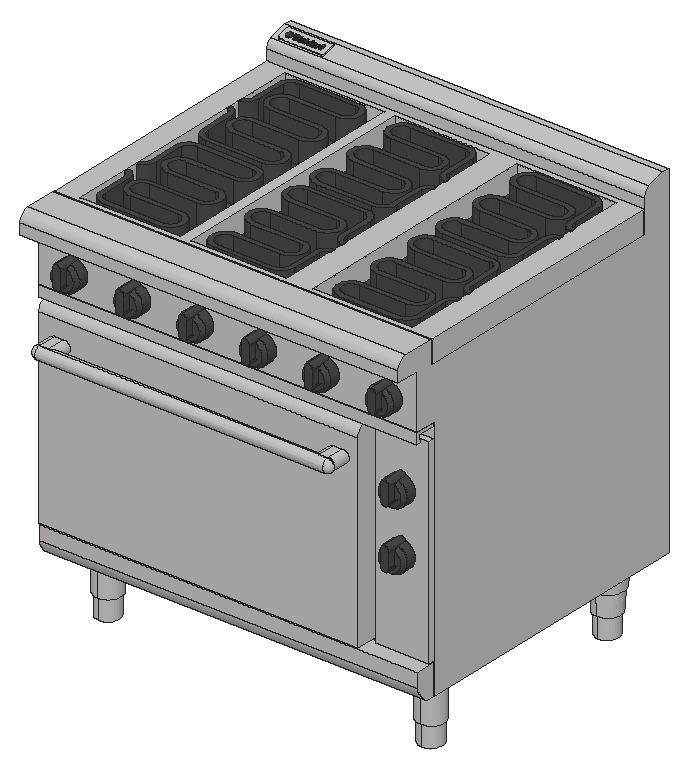
Revit family "QF_MOFFAT WALDORF_RNL8610E", category Specialty Equipment, Revit 2012 (continued)
Automatic sketch dimensions
  Revolve 4 sketch curve to Revolve 4 sketch curve = 47.532 mm
  Revolve 4 sketch curve to Revolve 4 sketch curve = 55 mm
  Revolve 5 sketch curve to level = 0 mm
  Revolve 5 sketch curve to plane 10 = 82.478 mm
  Revolve 5 sketch curve to Revolve 5 sketch curve = 4.25 mm
  Revolve 5 sketch curve to Revolve 5 sketch curve = 27.5 mm  (x2)
  level to Revolve 5 sketch curve = 50 mm
  Revolve 5 sketch curve to Revolve 5 sketch curve = 0 mm
  Revolve 5 sketch curve to Revolve 5 sketch curve = 100 mm
  Revolve 5 sketch curve to Revolve 5 sketch curve = 55 mm
  Revolve 6 sketch curve to level = 0 mm
  Revolve 6 sketch curve to plane 15 = 110.753 mm
  Revolve 6 sketch curve to Revolve 6 sketch curve = 0 mm  (x3)
  Revolve 6 sketch curve to Revolve 6 sketch curve = 4.159 mm
  Revolve 6 sketch curve to Revolve 6 sketch curve = 5.012 mm
  Revolve 6 sketch curve to Revolve 6 sketch curve = 1.832 mm
  Revolve 6 sketch curve to Revolve 6 sketch curve = 4.25 mm
  Revolve 6 sketch curve to Revolve 6 sketch curve = 42.753 mm
  Revolve 6 sketch curve to level = 55 mm
  Revolve 6 sketch curve to Revolve 6 sketch curve = 50 mm
  Revolve 6 sketch curve to Revolve 6 sketch curve = 52.468 mm
  Revolve 6 sketch curve to Revolve 6 sketch curve = 47.532 mm
  Revolve 7 sketch curve to level = 0 mm
  Revolve 7 sketch curve to plane 10 = 82.478 mm
  Revolve 7 sketch curve to Revolve 7 sketch curve = 4.25 mm
  Revolve 7 sketch curve to Revolve 7 sketch curve = 27.5 mm  (x2)
  Revolve 7 sketch curve to level = 55 mm
  Revolve 7 sketch curve to Revolve 7 sketch curve = 50 mm
  Revolve 7 sketch curve to Revolve 7 sketch curve = 0 mm
  Revolve 7 sketch curve to Revolve 7 sketch curve = 100 mm
  Extrusion 8 sketch curve to plane 4 "RIGHT" = 0 mm
  plane 3 "LEFT" to Extrusion 8 sketch curve = 4 mm
  Extrusion 8 sketch curve to plane 15 = 39 mm
  Extrusion 8 sketch curve to Extrusion 8 sketch curve = 3 mm  (x2)
  plane 14 to Extrusion 8 sketch curve = 11.5 mm
  Extrusion 8 sketch curve to plane 15 = 53.284 mm  (x2)
  plane 9 to Extrusion 8 sketch curve = 13.3 mm
  Extrusion 8 sketch curve to Extrusion 8 sketch curve = 0 mm  (x2)
  Extrusion 8 sketch curve to plane 5 "FRONT" = 111.585 mm  (x2)
  Extrusion 8 sketch curve to Extrusion 8 sketch curve = 7.585 mm  (x2)
  Extrusion 8 sketch curve to Extrusion 8 sketch curve = 23.4 mm
  plane 7 "Center Y" to Extrusion 8 sketch curve = 96 mm
  Extrusion 8 sketch curve to Extrusion 8 sketch curve = 60.7 mm
  Revolve 9 sketch curve to plane 5 "FRONT" = 12 mm
  Revolve 9 sketch curve to Revolve 9 sketch curve = 0 mm  (x2)
  Revolve 9 sketch curve to Revolve 9 sketch curve = 11 mm
  Revolve 9 sketch curve to Revolve 9 sketch curve = 12.7 mm
  Revolve 9 sketch curve to Revolve 9 sketch curve = 23 mm
  Revolve 9 sketch curve to Revolve 9 sketch curve = 10 mm
  plane 16 to Revolve 9 sketch curve = 141.882 mm
  Revolve 9 sketch curve to Revolve 9 sketch curve = 5 mm
  Revolve 9 sketch curve to Revolve 9 sketch curve = 26.651 mm
  Revolve 9 sketch curve to Revolve 9 sketch curve = 5.849 mm
  Revolve 10 sketch curve to plane 5 "FRONT" = 12 mm
  Revolve 10 sketch curve to Revolve 10 sketch curve = 0 mm  (x2)
  Revolve 10 sketch curve to Revolve 10 sketch curve = 11 mm
  Revolve 10 sketch curve to Revolve 10 sketch curve = 12.7 mm
  Revolve 10 sketch curve to Revolve 10 sketch curve = 23 mm
  Revolve 10 sketch curve to Revolve 10 sketch curve = 10 mm
  plane 16 to Revolve 10 sketch curve = 141.882 mm
  Revolve 10 sketch curve to Revolve 10 sketch curve = 5 mm
  Revolve 10 sketch curve to Revolve 10 sketch curve = 26.651 mm
  Revolve 10 sketch curve to Revolve 10 sketch curve = 5.849 mm
  Revolve 11 sketch curve to plane 5 "FRONT" = 12 mm
  Revolve 11 sketch curve to Revolve 11 sketch curve = 0 mm  (x2)
  Revolve 11 sketch curve to Revolve 11 sketch curve = 11 mm
  Revolve 11 sketch curve to Revolve 11 sketch curve = 12.7 mm
  Revolve 11 sketch curve to Revolve 11 sketch curve = 23 mm
  Revolve 11 sketch curve to Revolve 11 sketch curve = 10 mm
  plane 16 to Revolve 11 sketch curve = 174.382 mm
  Revolve 11 sketch curve to Revolve 11 sketch curve = 5.849 mm
  Revolve 11 sketch curve to Revolve 11 sketch curve = 27.5 mm
  Revolve 11 sketch curve to Revolve 11 sketch curve = 5 mm
  Revolve 12 sketch curve to plane 5 "FRONT" = 12 mm
  Revolve 12 sketch curve to Revolve 12 sketch curve = 0 mm  (x2)
  Revolve 12 sketch curve to Revolve 12 sketch curve = 11 mm
  Revolve 12 sketch curve to Revolve 12 sketch curve = 12.7 mm
  Revolve 12 sketch curve to Revolve 12 sketch curve = 23 mm
  Revolve 12 sketch curve to Revolve 12 sketch curve = 10 mm
  plane 16 to Revolve 12 sketch curve = 174.382 mm
  Revolve 12 sketch curve to Revolve 12 sketch curve = 5.849 mm
  Revolve 12 sketch curve to Revolve 12 sketch curve = 27.5 mm
  Revolve 12 sketch curve to Revolve 12 sketch curve = 5 mm
  Revolve 13 sketch curve to plane 5 "FRONT" = 12 mm
  Revolve 13 sketch curve to Revolve 13 sketch curve = 0 mm  (x2)
  Revolve 13 sketch curve to Revolve 13 sketch curve = 11 mm
  Revolve 13 sketch curve to Revolve 13 sketch curve = 12.7 mm
  Revolve 13 sketch curve to Revolve 13 sketch curve = 23 mm
  Revolve 13 sketch curve to Revolve 13 sketch curve = 10 mm
  plane 16 to Revolve 13 sketch curve = 174.382 mm
  Revolve 13 sketch curve to Revolve 13 sketch curve = 5.849 mm
  Revolve 13 sketch curve to Revolve 13 sketch curve = 27.5 mm
  Revolve 13 sketch curve to Revolve 13 sketch curve = 5 mm
  Revolve 14 sketch curve to plane 5 "FRONT" = 12 mm
  Revolve 14 sketch curve to Revolve 14 sketch curve = 0 mm  (x2)
  Revolve 14 sketch curve to Revolve 14 sketch curve = 11 mm
  Revolve 14 sketch curve to Revolve 14 sketch curve = 12.7 mm
  Revolve 14 sketch curve to Revolve 14 sketch curve = 23 mm
  Revolve 14 sketch curve to Revolve 14 sketch curve = 10 mm
  plane 16 to Revolve 14 sketch curve = 174.382 mm
  Revolve 14 sketch curve to Revolve 14 sketch curve = 5.849 mm
  Revolve 14 sketch curve to Revolve 14 sketch curve = 27.5 mm
  Revolve 14 sketch curve to Revolve 14 sketch curve = 5 mm
  plane 16 to Extrusion 15 sketch curve = 168.882 mm
  Extrusion 15 sketch curve to Extrusion 15 sketch curve = 35 mm
  Extrusion 16 sketch curve to plane 9 = 29.844 mm
  Extrusion 16 sketch curve to Extrusion 16 sketch curve = 10 mm
  plane 16 to Extrusion 16 sketch curve = 168.882 mm
  Extrusion 16 sketch curve to Extrusion 16 sketch curve = 35 mm
  Extrusion 17 sketch curve to plane 14 = 4.656 mm
  plane 14 to Extrusion 17 sketch curve = 5.344 mm
  plane 16 to Extrusion 17 sketch curve = 133.882 mm
  Extrusion 17 sketch curve to Extrusion 17 sketch curve = 35 mm
  Extrusion 18 sketch curve to plane 14 = 154.656 mm
  Extrusion 18 sketch curve to Extrusion 18 sketch curve = 10 mm
  plane 16 to Extrusion 18 sketch curve = 133.882 mm
  Extrusion 18 sketch curve to Extrusion 18 sketch curve = 35 mm
  Extrusion 19 sketch curve to plane 7 "Center Y" = 49.868 mm
  Extrusion 19 sketch curve to Extrusion 19 sketch curve = 10 mm
  plane 16 to Extrusion 19 sketch curve = 168.882 mm
  Extrusion 19 sketch curve to Extrusion 19 sketch curve = 35 mm
  plane 7 "Center Y" to Extrusion 20 sketch curve = 99.507 mm
  Extrusion 20 sketch curve to Extrusion 20 sketch curve = 10 mm
  plane 16 to Extrusion 20 sketch curve = 168.882 mm
  Extrusion 20 sketch curve to Extrusion 20 sketch curve = 35 mm
  Revolve 21 sketch curve to plane 5 "FRONT" = 54.5 mm
  Revolve 21 sketch curve to Revolve 21 sketch curve = 0 mm  (x2)
  Revolve 21 sketch curve to Revolve 21 sketch curve = 11 mm
  Revolve 21 sketch curve to Revolve 21 sketch curve = 12.7 mm
  Revolve 21 sketch curve to Revolve 21 sketch curve = 23 mm
  Revolve 21 sketch curve to Revolve 21 sketch curve = 10 mm
  Revolve 21 sketch curve to plane 16 = 73.743 mm
  Revolve 21 sketch curve to Revolve 21 sketch curve = 5 mm
  Revolve 21 sketch curve to Revolve 21 sketch curve = 26.651 mm
  Revolve 21 sketch curve to Revolve 21 sketch curve = 5.849 mm
  Extrusion 22 sketch curve to plane 14 = 7.156 mm
  plane 14 to Extrusion 22 sketch curve = 2.844 mm
  Extrusion 22 sketch curve to plane 16 = 81.743 mm
  Extrusion 22 sketch curve to Extrusion 22 sketch curve = 35 mm
  Revolve 23 sketch curve to plane 5 "FRONT" = 54.5 mm
  Revolve 23 sketch curve to Revolve 23 sketch curve = 0 mm  (x2)
  Revolve 23 sketch curve to Revolve 23 sketch curve = 11 mm
  Revolve 23 sketch curve to Revolve 23 sketch curve = 12.7 mm
  Revolve 23 sketch curve to Revolve 23 sketch curve = 23 mm
  Revolve 23 sketch curve to Revolve 23 sketch curve = 10 mm
  Revolve 23 sketch curve to plane 16 = 213.743 mm
  Revolve 23 sketch curve to Revolve 23 sketch curve = 5 mm
  Revolve 23 sketch curve to Revolve 23 sketch curve = 26.651 mm
  Revolve 23 sketch curve to Revolve 23 sketch curve = 5.849 mm
  Extrusion 24 sketch curve to plane 14 = 7.156 mm
  plane 14 to Extrusion 24 sketch curve = 2.844 mm
  Extrusion 24 sketch curve to plane 16 = 221.743 mm
  Extrusion 24 sketch curve to Extrusion 24 sketch curve = 35 mm
  Extrusion 25 sketch curve to Extrusion 1 = 80 mm
  Extrusion 25 sketch curve to Extrusion 1 = 230.73 mm
  Extrusion 26 sketch curve to plane 5 "FRONT" = 56 mm
  level to Extrusion 26 sketch curve = 227.5 mm
  plane 5 "FRONT" to Extrusion 26 sketch curve = 413.847 mm
  Extrusion 27 sketch curve to Extrusion 27 sketch curve = 0 mm  (x109)
  Extrusion 27 sketch curve to plane 15 = 58.503 mm  (x3)
  Extrusion 27 sketch curve to Extrusion 27 sketch curve = 11.997 mm  (x3)
  Extrusion 27 sketch curve to Extrusion 27 sketch curve = 19.532 mm  (x3)
  Extrusion 27 sketch curve to plane 14 = 2.793 mm  (x2)
  Extrusion 27 sketch curve to Extrusion 27 sketch curve = 0.24 mm  (x6)
  Extrusion 27 sketch curve to Extrusion 27 sketch curve = 0.931 mm  (x7)
  Extrusion 27 sketch curve to Extrusion 27 sketch curve = 0.01 mm  (x6)
  Extrusion 27 sketch curve to Extrusion 27 sketch curve = 21.7 mm  (x21)
  Extrusion 27 sketch curve to Extrusion 27 sketch curve = 0.002 mm  (x6)
  plane 14 to Extrusion 27 sketch curve = 16.984 mm
  Extrusion 27 sketch curve to Extrusion 27 sketch curve = 70.811 mm  (x6)
  Extrusion 27 sketch curve to Extrusion 27 sketch curve = 0.447 mm  (x6)
  Extrusion 27 sketch curve to Extrusion 27 sketch curve = 0.12 mm  (x6)
  plane 14 to Extrusion 27 sketch curve = 11.5 mm  (x3)
  Extrusion 27 sketch curve to Extrusion 27 sketch curve = 19.01 mm  (x5)
  Extrusion 27 sketch curve to Extrusion 27 sketch curve = 12.303 mm  (x6)
  Extrusion 27 sketch curve to Extrusion 27 sketch curve = 21.593 mm  (x6)
  Extrusion 27 sketch curve to Extrusion 27 sketch curve = 12.315 mm  (x4)
  plane 11 to Extrusion 27 sketch curve = 28.389 mm  (x3)
  Extrusion 27 sketch curve to plane 14 = 14.8 mm
  Extrusion 27 sketch curve to plane 14 = 2.8 mm  (x2)
  Extrusion 27 sketch curve to Extrusion 27 sketch curve = 0.133 mm  (x3)
  Extrusion 27 sketch curve to Extrusion 27 sketch curve = 0.5 mm
  plane 11 to Extrusion 27 sketch curve = 14.572 mm  (x3)
  plane 12 to Extrusion 27 sketch curve = 19.172 mm  (x3)
  plane 12 to Extrusion 27 sketch curve = 18.176 mm  (x3)
  plane 12 to Extrusion 27 sketch curve = 17.245 mm  (x3)
  Extrusion 27 sketch curve to Extrusion 27 sketch curve = 0.239 mm  (x6)
  plane 8 "Center X" to Extrusion 27 sketch curve = 6.997 mm  (x3)
  Extrusion 27 sketch curve to plane 8 "Center X" = 5 mm  (x3)
  Extrusion 27 sketch curve to plane 8 "Center X" = 24.532 mm  (x3)
  Extrusion 27 sketch curve to Extrusion 27 sketch curve = 20.704 mm  (x5)
  plane 14 to Extrusion 27 sketch curve = 16.988 mm
  plane 10 to Extrusion 27 sketch curve = 11.208 mm  (x2)
  Extrusion 27 sketch curve to plane 10 = 7.311 mm  (x3)
  Extrusion 27 sketch curve to plane 10 = 7.444 mm  (x3)
  Extrusion 27 sketch curve to plane 10 = 7.944 mm  (x3)
  Extrusion 27 sketch curve to plane 10 = 21.128 mm  (x3)
  Extrusion 27 sketch curve to Extrusion 27 sketch curve = 20.701 mm  (x4)
  Extrusion 27 sketch curve to Extrusion 27 sketch curve = 0.001 mm  (x5)
  Extrusion 27 sketch curve to Extrusion 27 sketch curve = 41.7 mm  (x3)
  Extrusion 27 sketch curve to Extrusion 27 sketch curve = 20.999 mm
  Extrusion 27 sketch curve to plane 9 = 45.4 mm  (x3)
  Extrusion 27 sketch curve to plane 7 "Center Y" = 84.6 mm  (x2)
  plane 7 "Center Y" to Extrusion 27 sketch curve = 28 mm  (x4)
  plane 7 "Center Y" to Extrusion 27 sketch curve = 47.862 mm  (x2)
  Extrusion 27 sketch curve to Extrusion 27 sketch curve = 0.032 mm  (x2)
  plane 7 "Center Y" to Extrusion 27 sketch curve = 47.894 mm
  Extrusion 27 sketch curve to Extrusion 27 sketch curve = 0.226 mm  (x5)
  Extrusion 27 sketch curve to Extrusion 27 sketch curve = 0.258 mm  (x6)
  Extrusion 27 sketch curve to Extrusion 27 sketch curve = 0.879 mm  (x4)
  Extrusion 27 sketch curve to Extrusion 27 sketch curve = 14.293 mm  (x2)
  Extrusion 27 sketch curve to Extrusion 27 sketch curve = 133.7 mm
  Extrusion 27 sketch curve to Extrusion 27 sketch curve = 133.693 mm  (x2)
  Extrusion 27 sketch curve to plane 14 = 56.5 mm
  Extrusion 27 sketch curve to plane 14 = 36.638 mm  (x2)
  Extrusion 27 sketch curve to plane 14 = 36.606 mm
  plane 17 to Extrusion 8 sketch curve = 11.8 mm
  plane 3 "LEFT" to Extrusion 15 sketch curve = 100.156 mm
  Extrusion 15 sketch curve to Extrusion 15 sketch curve = 10 mm
  Extrusion 27 sketch curve to Extrusion 27 sketch curve = 19.152 mm
  Extrusion 27 sketch curve to Extrusion 27 sketch curve = 112.6 mm  (x2)
  Extrusion 27 sketch curve to Extrusion 27 sketch curve = 19.894 mm
  plane 1 "BACK" to curve 1 = 0 mm
  curve 1 to plane 3 "LEFT" = 0 mm
  plane 5 "FRONT" to curve 26 = 0 mm
  curve 148 to plane 8 "Center X" = 0 mm
  curve 183 to plane 8 "Center X" = 0 mm
  curve 217 to plane 8 "Center X" = 0 mm
  plane 3 "LEFT" to curve 26 = 4.5 mm
  plane 3 "LEFT" to curve 5 = 12.5 mm
  curve 26 to curve 111 = 18.15 mm
  plane 3 "LEFT" to curve 145 = 48.333 mm
  curve 162 to plane 10 = 7.944 mm
  plane 3 "LEFT" to curve 162 = 48.333 mm
  plane 3 "LEFT" to curve 129 = 48.516 mm
  plane 3 "LEFT" to curve 146 = 48.516 mm
  plane 5 "FRONT" to curve 112 = 14.544 mm
  curve 111 to curve 112 = 26.239 mm
  curve 111 to plane 5 "FRONT" = 19.857 mm
  curve 162 to curve 162 = 4.781 mm
  curve 145 to curve 145 = 4.781 mm
  curve 129 to curve 129 = 4.622 mm
  curve 146 to curve 146 = 4.622 mm
  curve 26 to curve 123 = 49.5 mm
  curve 129 to curve 129 = 26.784 mm
  curve 145 to curve 145 = 26.967 mm
  curve 146 to curve 146 = 26.784 mm
  curve 162 to plane 10 = 7.363 mm
  curve 162 to curve 162 = 26.967 mm
  curve 143 to curve 143 = 25.701 mm
  curve 130 to curve 131 = 25.701 mm
  curve 148 to plane 8 "Center X" = 25.704 mm
  curve 147 to curve 148 = 25.701 mm
  curve 160 to curve 160 = 25.701 mm
  curve 160 to curve 160 = 0.98 mm
  curve 148 to curve 148 = 0.98 mm
  curve 131 to curve 132 = 0.98 mm
  curve 142 to plane 12 = 7.528 mm
  curve 143 to curve 142 = 0.98 mm
  plane 15 to curve 6 = 11.042 mm
  curve 131 to curve 6 = 19.519 mm
  curve 146 to curve 152 = 46.7 mm
  plane 10 to curve 156 = 7.572 mm
  curve 162 to curve 156 = 46.7 mm
  curve 140 to plane 11 = 14.128 mm
  curve 143 to curve 140 = 20.999 mm
  curve 129 to curve 136 = 46.7 mm
  curve 6 to curve 12 = 8.083 mm
  curve 9 to curve 10 = 20 mm
  curve 11 to curve 16 = 6.917 mm
  plane 15 to curve 15 = 9.738 mm
  curve 13 to curve 15 = 20 mm
  curve 15 to curve 17 = 7 mm
  curve 17 to curve 18 = 20 mm
  curve 18 to curve 22 = 7 mm
  plane 15 to curve 23 = 9.738 mm
  curve 21 to curve 23 = 20 mm
  curve 151 to plane 9 = 45.4 mm
  curve 140 to plane 9 = 45.4 mm
  curve 158 to plane 9 = 45.4 mm
  curve 134 to plane 9 = 45.4 mm
  curve 155 to plane 9 = 45.4 mm
  curve 138 to plane 9 = 45.4 mm
  curve 23 to curve 28 = 7 mm
  plane 15 to curve 31 = 9.738 mm
  curve 28 to curve 31 = 20 mm
  curve 29 to curve 32 = 6.917 mm
  plane 9 to curve 35 = 4.417 mm
  curve 33 to curve 37 = 7 mm
  plane 9 to curve 124 = 13.3 mm
  plane 15 to curve 39 = 9.738 mm
  curve 36 to curve 39 = 20 mm
  curve 122 to curve 118 = 23.4 mm
  curve 37 to curve 41 = 7 mm
  curve 40 to curve 42 = 20 mm
  curve 41 to curve 45 = 11.622 mm
  curve 44 to curve 45 = 20 mm
  curve 45 to curve 49 = 6.917 mm
  curve 48 to curve 50 = 20 mm
  curve 49 to curve 52 = 7 mm
  curve 52 to curve 54 = 20 mm
  curve 54 to curve 56 = 7 mm
  plane 7 "Center Y" to curve 58 = 0.956 mm
  curve 58 to curve 63 = 7 mm
  plane 7 "Center Y" to curve 187 = 27.137 mm
  plane 10 to curve 189 = 7.572 mm
  plane 7 "Center Y" to curve 189 = 27.137 mm
  plane 7 "Center Y" to curve 172 = 27.137 mm
  plane 7 "Center Y" to curve 170 = 27.137 mm
  plane 15 to curve 62 = 9.738 mm
  curve 60 to curve 62 = 20 mm
  curve 61 to curve 64 = 6.917 mm
  plane 7 "Center Y" to curve 166 = 47.156 mm
  curve 177 to plane 12 = 7.528 mm
  curve 166 to curve 165 = 0.98 mm
  plane 15 to curve 67 = 9.738 mm
  curve 64 to curve 67 = 20 mm
  curve 65 to curve 69 = 7 mm
  curve 194 to curve 195 = 25.701 mm
  curve 182 to curve 182 = 25.701 mm
  curve 165 to curve 164 = 25.701 mm
  plane 15 to curve 71 = 9.738 mm
  curve 68 to curve 71 = 20 mm
  curve 69 to curve 73 = 7 mm
  curve 195 to curve 119 = 22.163 mm
  curve 163 to curve 163 = 26.784 mm
  curve 181 to curve 180 = 26.784 mm
  curve 179 to curve 179 = 26.967 mm
  curve 196 to plane 10 = 7.944 mm
  curve 196 to curve 196 = 4.804 mm
  curve 72 to curve 73 = 20 mm
  curve 74 to curve 79 = 6.924 mm
  curve 76 to curve 78 = 20 mm
  curve 77 to curve 80 = 6.917 mm
  curve 80 to curve 117 = 13.986 mm
  plane 15 to curve 82 = 9.738 mm
  curve 80 to curve 82 = 20 mm
  curve 82 to curve 87 = 7 mm
  plane 15 to curve 87 = 9.738 mm
  curve 84 to curve 87 = 20 mm
  curve 85 to curve 89 = 7 mm
  curve 208 to plane 11 = 14.128 mm
  plane 10 to curve 223 = 7.572 mm
  curve 88 to curve 90 = 20 mm
  curve 90 to curve 92 = 7 mm
  plane 15 to curve 94 = 9.738 mm
  curve 92 to curve 94 = 20 mm
  curve 94 to curve 96 = 6.917 mm
  plane 15 to curve 98 = 9.738 mm
  curve 96 to curve 98 = 20 mm
  curve 113 to plane 14 = 112.642 mm
  curve 97 to curve 100 = 7 mm
  curve 112 to curve 113 = 25.191 mm
  curve 100 to curve 101 = 20 mm
  curve 101 to curve 105 = 7 mm
  curve 127 to plane 14 = 74.5 mm
  curve 104 to curve 105 = 20 mm
  curve 210 to plane 12 = 7.528 mm
  plane 12 to curve 211 = 18.176 mm
  curve 215 to plane 14 = 10.663 mm
  curve 213 to plane 14 = 10.663 mm
  curve 197 to plane 14 = 10.663 mm
  curve 228 to plane 14 = 10.663 mm
  plane 14 to curve 214 = 11.5 mm
  plane 14 to curve 214 = 16.122 mm
  plane 14 to curve 197 = 16.122 mm
  plane 14 to curve 213 = 16.304 mm
  curve 230 to plane 10 = 7.944 mm
  plane 14 to curve 230 = 16.304 mm
  plane 4 "RIGHT" to curve 27 = 3 mm
  curve 128 to curve 112 = 399.303 mm
  curve 3 to curve 108 = 96 mm
  curve 108 to curve 109 = 3.3 mm
  curve 109 to curve 124 = 12.285 mm
  curve 121 to curve 196 = 111.199 mm
  curve 109 to curve 116 = 12.285 mm
  curve 122 to curve 158 = 15.915 mm
  curve 160 to curve 161 = 24.666 mm
  curve 193 to curve 194 = 24.666 mm
  curve 227 to curve 229 = 24.666 mm
  curve 159 to curve 158 = 26.7 mm
  curve 227 to curve 226 = 26.7 mm
  curve 196 to plane 10 = 7.363 mm
  curve 229 to plane 10 = 7.363 mm
  curve 223 to curve 222 = 26.7 mm
  curve 189 to curve 188 = 26.7 mm
  curve 155 to curve 154 = 26.7 mm
  curve 230 to curve 214 = 31.443 mm
  curve 162 to curve 146 = 31.439 mm
  curve 196 to curve 180 = 31.443 mm
  curve 146 to curve 147 = 25.867 mm
  curve 180 to curve 180 = 25.867 mm
  curve 214 to curve 214 = 25.867 mm
  curve 152 to curve 152 = 28.7 mm
  plane 12 to curve 178 = 17.138 mm
  plane 12 to curve 143 = 17.138 mm
  plane 11 to curve 173 = 14.572 mm
  plane 11 to curve 207 = 14.572 mm
  plane 11 to curve 139 = 14.572 mm
  plane 11 to curve 213 = 27.756 mm
  plane 11 to curve 145 = 27.756 mm
  plane 11 to curve 179 = 27.756 mm
  curve 179 to curve 179 = 0.581 mm
  curve 213 to curve 212 = 0.581 mm
  curve 145 to curve 145 = 0.581 mm
  curve 137 to curve 137 = 26.7 mm
  curve 213 to curve 197 = 31.443 mm
  curve 179 to curve 163 = 31.443 mm
  curve 145 to curve 129 = 31.439 mm
  curve 163 to curve 163 = 25.867 mm
  curve 197 to curve 198 = 25.867 mm
  curve 129 to curve 129 = 25.867 mm
  curve 135 to curve 135 = 28.7 mm
  curve 133 to curve 133 = 26.7 mm
  curve 131 to curve 131 = 25.704 mm
  curve 131 to curve 123 = 36.882 mm
  curve 165 to curve 119 = 36.882 mm
  curve 110 to plane 15 = 40.734 mm
  curve 110 to curve 4 = 2.734 mm
  curve 5 to plane 15 = 19.234 mm
  curve 88 to plane 15 = 18.526 mm
  curve 52 to plane 15 = 18.526 mm
  curve 46 to plane 15 = 18.526 mm
  curve 53 to curve 56 = 0 mm
  curve 57 to curve 60 = 0 mm
  curve 42 to curve 44 = 0 mm
  curve 17 to plane 15 = 18.526 mm
  curve 38 to curve 40 = 0 mm  (x2)
  curve 18 to curve 21 = 0 mm
  curve 61 to curve 64 = 0 mm
  curve 65 to curve 68 = 0 mm
  curve 69 to curve 72 = 0 mm
  curve 50 to curve 52 = 0 mm  (x2)
  curve 73 to curve 76 = 0 mm
  curve 77 to curve 80 = 0 mm
  curve 81 to curve 84 = 0 mm
  curve 106 to plane 15 = 18.526 mm
  curve 15 to curve 17 = 0 mm
  curve 102 to curve 104 = 0 mm
  curve 11 to curve 13 = 0 mm
  curve 98 to curve 100 = 0 mm
  curve 34 to curve 36 = 0 mm
  curve 94 to curve 96 = 0 mm
  curve 30 to curve 32 = 0 mm  (x2)
  curve 15 to curve 20 = 0 mm
  plane 15 to curve 44 = 9.738 mm
  curve 46 to curve 48 = 0 mm
  curve 54 to curve 56 = 0 mm
  curve 70 to curve 72 = 0 mm
  curve 74 to curve 76 = 0 mm
  curve 86 to curve 88 = 0 mm
  plane 15 to curve 107 = 9.738 mm
  curve 98 to curve 103 = 0 mm
  curve 12 to curve 6 = 1.304 mm
  curve 114 to curve 201 = 57.837 mm
  curve 204 to curve 201 = 0 mm
  curve 208 to curve 206 = 0 mm
  curve 114 to curve 226 = 57.837 mm
  curve 223 to curve 225 = 0 mm
  curve 217 to curve 210 = 0 mm  (x2)
  curve 203 to curve 199 = 46.7 mm
  curve 224 to curve 229 = 46.7 mm
  curve 206 to curve 212 = 46.7 mm
  curve 220 to curve 215 = 46.7 mm
  curve 211 to curve 212 = 26.681 mm
  curve 199 to curve 198 = 26.681 mm
  curve 227 to curve 228 = 26.681 mm
  curve 227 to curve 228 = 0.98 mm
  curve 211 to curve 212 = 25.701 mm
  curve 199 to curve 198 = 25.701 mm
  curve 216 to curve 215 = 25.701 mm
  curve 114 to curve 226 = 15.915 mm
  curve 221 to curve 220 = 28.7 mm
  curve 216 to curve 217 = 25.704 mm
  curve 205 to curve 205 = 26.7 mm
  curve 203 to curve 203 = 28.7 mm
  curve 202 to curve 201 = 26.7 mm
  curve 199 to curve 199 = 25.704 mm
  curve 198 to curve 117 = 36.882 mm
  curve 120 to curve 192 = 47.837 mm
  plane 9 to curve 184 = 84.537 mm
  curve 189 to curve 191 = 0 mm
  curve 166 to curve 45 = 5.501 mm
  curve 176 to curve 183 = 0 mm
  curve 172 to curve 174 = 0 mm
  plane 7 "Center Y" to curve 183 = 47.156 mm
  curve 176 to curve 182 = 0 mm
  plane 7 "Center Y" to curve 194 = 47.156 mm
  curve 177 to curve 177 = 0.98 mm
  curve 194 to curve 194 = 0.98 mm
  curve 183 to curve 182 = 0.98 mm
  curve 179 to curve 179 = 22.163 mm
  curve 119 to curve 194 = 15.915 mm
  curve 192 to curve 192 = 26.7 mm
  curve 187 to curve 186 = 28.7 mm
  curve 182 to curve 183 = 25.704 mm
  curve 175 to curve 175 = 26.7 mm
  curve 171 to curve 171 = 26.7 mm
  curve 169 to curve 169 = 28.7 mm
  curve 168 to curve 167 = 26.7 mm
  curve 165 to curve 165 = 25.704 mm
  Extrusion 1 sketch curve to plane 5 "FRONT" = 0 mm
  Extrusion 1 sketch curve to plane 6 "TOP" = 0 mm
  Extrusion 1 sketch curve to plane 1 "BACK" = 0 mm
  Extrusion 1 sketch curve to plane 5 "FRONT" = 24 mm
  Extrusion 1 sketch curve to plane 5 "FRONT" = 56 mm
  Extrusion 1 sketch curve to Extrusion 1 sketch curve = 0 mm
  Extrusion 1 sketch curve to plane 5 "FRONT" = 58.27 mm
  Extrusion 1 sketch curve to Extrusion 1 sketch curve = 6.387 mm
  Extrusion 1 sketch curve to Extrusion 1 sketch curve = 8.776 mm
  Extrusion 1 sketch curve to Extrusion 1 sketch curve = 40 mm
  Extrusion 1 sketch curve to Extrusion 1 sketch curve = 43.174 mm
  Extrusion 1 sketch curve to Extrusion 1 sketch curve = 2.626 mm
  Extrusion 1 sketch curve to Extrusion 1 sketch curve = 41.683 mm
  Extrusion 1 sketch curve to Extrusion 1 sketch curve = 4.2 mm  (x2)
  Extrusion 1 sketch curve to plane 6 "TOP" = 11.31 mm
  Extrusion 1 sketch curve to plane 15 = 38 mm
  Extrusion 1 sketch curve to plane 15 = 15.418 mm
  plane 15 to Extrusion 1 sketch curve = 15.5 mm
  plane 16 to Extrusion 1 sketch curve = 81.219 mm
  Extrusion 1 sketch curve to Extrusion 1 sketch curve = 2.216 mm
  Extrusion 1 sketch curve to Extrusion 1 sketch curve = 7.004 mm
  Extrusion 1 sketch curve to Extrusion 1 sketch curve = 16.999 mm
  level to Extrusion 1 sketch curve = 222.5 mm
  Extrusion 1 sketch curve to Extrusion 1 sketch curve = 28.982 mm
  Extrusion 1 sketch curve to Extrusion 1 sketch curve = 34.5 mm
  Extrusion 1 sketch curve to Extrusion 1 sketch curve = 0.071 mm
  Extrusion 1 sketch curve to Extrusion 1 sketch curve = 19.557 mm
  Extrusion 28 sketch curve to plane 16 = 46.875 mm  (x2)
  Extrusion 28 sketch curve to Extrusion 28 sketch curve = 15 mm  (x2)
  Extrusion 28 sketch curve to plane 14 = 111.461 mm
  Extrusion 28 sketch curve to Extrusion 28 sketch curve = 20.282 mm  (x2)
  plane 3 "LEFT" to Extrusion 28 sketch curve = 58.528 mm
  Revolve 29 sketch curve to plane 3 "LEFT" = 6.961 mm
  plane 3 "LEFT" to Revolve 29 sketch curve = 23.246 mm
  Revolve 29 sketch curve to plane 16 = 16.875 mm
  Revolve 29 sketch curve to Revolve 29 sketch curve = 15 mm
  Revolve 29 sketch curve to plane 16 = 31.875 mm
  plane 7 "Center Y" to Revolve 29 sketch curve = 138.039 mm
  Revolve 29 sketch curve to plane 14 = 111.461 mm
  Extrusion 3 sketch curve to plane 5 "FRONT" = 91 mm
  plane 16 to Extrusion 3 sketch curve = 45 mm
  radius of Extrusion 25 sketch curve = 10 mm
Nested families
  nested 1: "WALDORF LOGO_FACE BASE" at (12.5, -21.836, 968.57) x (1, 0, 0) z (0, -0.2588, 0.9659), visible <- "Show Logo", type "WALDORF LOGO_FACE BASE", detail levels medium+fine
    with Show Logo yes
Connectors
  electrical at (820, -466, 145), driven by "Volts", driven by "Watts"
    settings: on Extrusion 25, index 5, voltage 415 V, apparent load 20900 VA, apparent load phase1 0 VA, apparent load phase2 0 VA, apparent load phase3 0 VA, power factor 1, load classification "Other", number of poles 1, system type 30, power factor state 1, is connector primary yes, connector utility no, sub classification motor no, connector description "ELECTRICAL CONNECTION"
Definition of nested family "WALDORF LOGO_FACE BASE"
  Parameters (values of type "WALDORF LOGO_FACE BASE")
    Show Logo [instance] = yes
    Default Elevation = 1219.2 mm
  Reference planes
    plane 1 "Center (Front/Back)": y = 0
    plane 2: z = 0
    plane 3 "Center (Left/Right)": x = 0
  Forms (mm)
    Extrusion 1, solid
      sketch origin (0, 0, 0) x (1, 0, 0) y (0, 1, 0)
        loop
          line (-1219.2, 1219.2) -> (-1219.2, -1219.2) -> (1219.2, -1219.2) -> (1219.2, 1219.2) -> (-1219.2, 1219.2)
      from 0 to -304.8
    Extrusion 2, solid, material "QF_Finishes_Stainless Steel", visible <- "Show Logo"
      sketch origin (0, -33.217, 0) x (1, 0, 0) y (0, 1, 0)
        loop
          arc (5, 34.14) -> (1.464, 32.676) -> (0, 29.14) r 5
          line (0, 29.14) -> (0, 5)
          arc (0, 5) -> (1.464, 1.464) -> (5, 0) r 5
          line (5, 0) -> (104, 0)
          arc (104, 0) -> (107.536, 1.464) -> (109, 5) r 5
          line (109, 5) -> (109, 29.14)
          arc (109, 29.14) -> (107.536, 32.676) -> (104, 34.14) r 5
          line (104, 34.14) -> (5, 34.14)
      from 0 to 1.588
    Extrusion 3, solid, material "QF_Finishes_Black", visible <- "Show Logo"
      sketch origin (0, -33.217, 1.588) x (1, 0, 0) y (0, 1, 0)
        loop
          line (24.772, 23.214) -> (27.992, 10.301) -> (31.551, 10.301) -> (33.443, 17.364) -> (35.205, 10.301) -> (39.332, 10.301) -> (42.077, 23.214) -> (38.352, 23.214) -> (36.676, 15.33) -> (35, 23.214) -> (31.752, 23.214) -> (30.076, 15.33) -> (28.4, 23.214) -> (24.772, 23.214)
        loop
          line (42.272, 17.055) -> (45.703, 17.055)
          spline (45.703, 17.055) -> (45.741, 17.285) -> (45.852, 17.499) -> (46.028, 17.682) -> (46.258, 17.823) -> (46.526, 17.912) -> (46.813, 17.942) -> (47.1, 17.912) -> (47.368, 17.823) -> (47.597, 17.682) -> (47.774, 17.499) -> (47.884, 17.285) -> (47.922, 17.055)
          line (47.922, 17.055) -> (47.922, 16.222)
          arc (47.922, 16.222) -> (45.742, 16.014) -> (43.665, 15.317) r 9.604
          arc (43.665, 15.317) -> (41.924, 12.809) -> (43.665, 10.301) r 2.677
          arc (43.665, 10.301) -> (45.527, 10.353) -> (47.332, 10.816) r 8.365
          line (47.332, 10.816) -> (48.092, 11.105) -> (48.092, 10.301) -> (51.817, 10.301) -> (51.817, 17.055)
          spline (51.817, 17.055) -> (51.654, 17.821) -> (51.178, 18.535) -> (50.419, 19.148) -> (49.431, 19.619) -> (48.28, 19.914) -> (47.044, 20.015) -> (45.809, 19.914) -> (44.658, 19.619) -> (43.67, 19.148) -> (42.911, 18.535) -> (42.434, 17.821) -> (42.272, 17.055)
        loop
          line (53.151, 23.214) -> (53.151, 10.301) -> (57.37, 10.301) -> (57.37, 23.214) -> (53.151, 23.214)
        loop
          line (64.874, 23.214) -> (64.874, 18.857)
          arc (64.874, 18.857) -> (58.083, 15.11) -> (64.874, 11.363) r 4.429
          line (64.874, 11.363) -> (64.874, 10.301) -> (68.378, 10.301) -> (68.378, 23.214) -> (64.874, 23.214)
        loop
          arc (64.874, 16.083) -> (61.41, 14.987) -> (64.874, 13.891) r 1.905
          line (64.874, 13.891) -> (64.874, 16.083)
        loop
          circle (74.623, 15.223) r 5
        loop
          spline (74.623, 17.856) -> (74.355, 17.766) -> (74.105, 17.503) -> (73.891, 17.084) -> (73.726, 16.539) -> (73.623, 15.904) -> (73.588, 15.223) -> (73.623, 14.541) -> (73.726, 13.906) -> (73.891, 13.361) -> (74.105, 12.942) -> (74.355, 12.679) -> (74.623, 12.59)
          spline (74.623, 12.59) -> (74.891, 12.679) -> (75.141, 12.942) -> (75.355, 13.361) -> (75.52, 13.906) -> (75.623, 14.541) -> (75.659, 15.223) -> (75.623, 15.904) -> (75.52, 16.539) -> (75.355, 17.084) -> (75.141, 17.503) -> (74.891, 17.766) -> (74.623, 17.856)
        loop
          line (81.255, 19.813) -> (81.255, 10.301) -> (84.834, 10.301) -> (84.834, 14.176)
          arc (84.834, 14.176) -> (85.854, 16.093) -> (88.013, 16.32) r 2.313
          line (88.013, 16.32) -> (88.013, 19.813) -> (87.161, 19.813)
          arc (87.161, 19.813) -> (85.526, 19.266) -> (84.549, 17.844) r 2.717
          line (84.549, 17.844) -> (84.549, 19.813) -> (81.255, 19.813)
        loop
          line (90.249, 19.813) -> (88.91, 19.813) -> (88.91, 17.614) -> (90.249, 17.614) -> (90.249, 10.301) -> (93.998, 10.301) -> (93.998, 17.614) -> (95.418, 17.614) -> (95.418, 19.813) -> (93.998, 19.813)
          arc (93.998, 19.813) -> (94.414, 20.817) -> (95.418, 21.233) r 1.42
          line (95.418, 21.233) -> (95.418, 23.602) -> (93.317, 23.602)
          arc (93.317, 23.602) -> (91.343, 22.903) -> (90.249, 21.118) r 3.137
          line (90.249, 21.118) -> (90.249, 19.813)
        loop
          arc (15.241, 23.571) -> (8.392, 16.525) -> (15.241, 9.479) r 7.049
          line (15.241, 9.479) -> (15.241, 23.571)
        loop
          line (15.641, 23.571) -> (15.641, 9.479)
          arc (15.641, 9.479) -> (22.49, 16.525) -> (15.641, 23.571) r 7.049
        loop
          arc (47.922, 14.711) -> (46.266, 13.749) -> (47.922, 12.787) r 1.107
          line (47.922, 12.787) -> (47.922, 14.711)
      from 0 to 0.2
  Dimensions and locks
    aligned and locked: plane 2 to Extrusion 1
    aligned and locked: level to Extrusion 1
